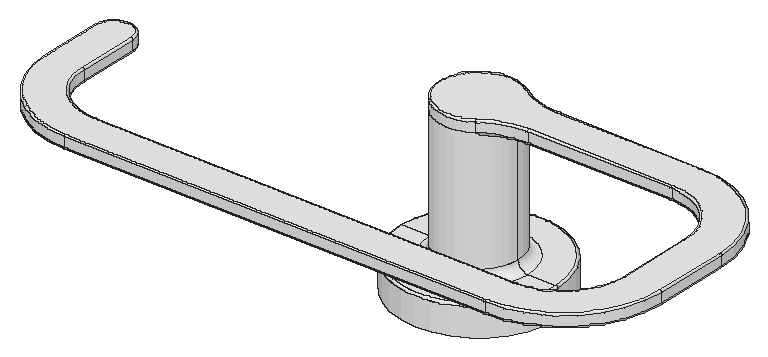
Revit family "Towel_Ring-American_Standard-Studio_S-7105.190", category Specialty Equipment, host Face, Revit 2014
Parameters (values of type "7105.190")
  Width = 2 3/16"  # constant formula
  Warranty Information = "One Year General Product Warranty"  # constant formula
  URL = "https://www.americanstandard-us.com/"
  Type Comments = ""
  Specification = "Towel Ring shall feature metal construction. Shall feature concealed mounting with no exposed set screws. Towel Ring shall be American Standard Model 7105.190."  # constant formula
  Product Page URL = "https://www.americanstandard-us.com/bathroom/bathroom-accessories/studio-s-towel-ring-32008?variant=polished-chrome"
  Product Documentation Link = "https://www.americanstandard-us.com/-/media/sites/asus/files/product-specs/bathroom-accessories/2017/specsheet-7105190.pdf?la=en"
  Price = "Prices may vary. Please consult Manufacturer Representative for most up-to-date price list."  # constant formula
  Model = "7105.190 "  # constant formula
  Material = "Metal-American Standard-002-Polished Chrome"
  Manufacturer = "American Standard"  # constant formula
  Length = 7 3/4"  # constant formula
  Installation Type = "Wall Mount"  # constant formula
  Height = 3 3/16"  # constant formula
  Finish = Metal-American Standard-002-Polished Chrome
  Description = "Studio S Towel Ring"  # constant formula
  Default Elevation = 48"  # constant formula
  Creation Date = "05/07/2018"  # constant formula
  Assembly Code = "C1030220"
Reference planes (in)
  plane 1 "Center (Front/Back)": y = 0
  plane 2: z = 0
  plane 3 "Center (Left/Right)": x = 0
  plane 4: y = -3.1875
  plane 5: x = -1
  plane 6: x = 1
  plane 7: y = 1
  plane 8: y = -1
  plane 9: x = 3.875
  plane 10: x = -3.875
  plane 11: z = 2.1875
  plane 12: y = 0.15625
  plane 13: y = -0.15625
Forms (in)
  Revolve 1, solid, material "Metal-American Standard-002-Polished Chrome" <- "Finish"
    sketch origin (0, 0, 0) x (1, 0, 0) y (0, 0, 1)
      loop
        line (0, 0) -> (0, 2.0986179) -> (-0.5, 2.0986179) -> (-0.5, 0.4993179)
        arc (-0.5, 0.4993179) -> (-0.5366117, 0.4109296) -> (-0.625, 0.3743179) r 0.125
        line (-0.625, 0.3743179) -> (-0.9734903, 0.3743179)
        arc (-0.9734903, 0.3743179) -> (-0.9922355, 0.3665534) -> (-1, 0.3478082) r 0.0265097
        line (-1, 0.3478082) -> (-1, 0) -> (0, 0)
      axis (0, 0) -> (0, 2.0986179)
    angle from 0 to 360
  Sweep 2, solid, material "Metal-American Standard-002-Polished Chrome" <- "Finish"
    path origin (0, 0, 2.1875) x (1, 0, 0) y (0, 1, 0)
      loop
        arc (0.2403932, 0.3398486) -> (-0.4162763, 0) -> (0.2403932, -0.3398486) r 0.4162763
        arc (0.2403932, -0.3398486) -> (0.5148941, -0.2032543) -> (0.8178781, -0.15625) r 1
        line (0.8178781, -0.15625) -> (2.6352539, -0.15625)
        arc (2.6352539, -0.15625) -> (3.2318753, -0.4033787) -> (3.4790039, -1) r 0.84375
        line (3.4790039, -1) -> (3.4790039, -1.9492188)
        arc (3.4790039, -1.9492188) -> (3.2318753, -2.5458401) -> (2.6352539, -2.7929688) r 0.84375
        line (2.6352539, -2.7929688) -> (-2.7027735, -2.7929688)
        arc (-2.7027735, -2.7929688) -> (-3.2516513, -2.5656161) -> (-3.4790039, -2.0167383) r 0.7762304
        line (-3.4790039, -2.0167383) -> (-3.4790039, -1.2421875)
        arc (-3.4790039, -1.2421875) -> (-3.6352539, -1.0859375) -> (-3.7915039, -1.2421875) r 0.15625
        line (-3.7915039, -1.2421875) -> (-3.7915039, -2.0167383)
        arc (-3.7915039, -2.0167383) -> (-3.4726222, -2.786587) -> (-2.7027735, -3.1054688) r 1.0887304
        line (-2.7027735, -3.1054688) -> (2.6352539, -3.1054688)
        arc (2.6352539, -3.1054688) -> (3.4528461, -2.766811) -> (3.7915039, -1.9492188) r 1.15625
        line (3.7915039, -1.9492188) -> (3.7915039, -1)
        arc (3.7915039, -1) -> (3.4528461, -0.1824078) -> (2.6352539, 0.15625) r 1.15625
        line (2.6352539, 0.15625) -> (0.8178781, 0.15625)
        arc (0.8178781, 0.15625) -> (0.5148941, 0.2032543) -> (0.2403932, 0.3398486) r 1
    profile origin (-0.4162763, 0, 2.1875) x (1, 0, 0) y (0, 0, 1)
      loop
        line (0, 0) -> (-0.0616161, 0)
        arc (-0.0616161, 0) -> (-0.0772485, -0.0064752) -> (-0.0837237, -0.0221076) r 0.0221076
        line (-0.0837237, -0.0221076) -> (-0.0837237, -0.1411543)
        arc (-0.0837237, -0.1411543) -> (-0.0764584, -0.1586942) -> (-0.0589185, -0.1659595) r 0.0248052
        line (-0.0589185, -0.1659595) -> (0, -0.1659595) -> (0, 0)
  Extrusion 3, solid, material "Metal-American Standard-002-Polished Chrome" <- "Finish"
    sketch origin (0, 0, 0) x (1, 0, 0) y (0, 1, 0)
      loop
        arc (0.2524118, 0.3695512) -> (-0.4475263, 0) -> (0.2524118, -0.3695512) r 0.4475263
        arc (0.2524118, -0.3695512) -> (0.535378, -0.2330616) -> (0.8460235, -0.1861724) r 1.0524737
        line (0.8460235, -0.1861724) -> (2.6367188, -0.1875)
        arc (2.6367188, -0.1875) -> (3.211243, -0.4254757) -> (3.4492188, -1) r 0.8125
        line (3.4492188, -1) -> (3.4492188, -1.9492188)
        arc (3.4492188, -1.9492188) -> (3.211243, -2.523743) -> (2.6367188, -2.7617188) r 0.8125
        line (2.6367188, -2.7617188) -> (-2.7042383, -2.7617188)
        arc (-2.7042383, -2.7617188) -> (-3.231019, -2.543519) -> (-3.4492187, -2.0167383) r 0.7449804
        line (-3.4492187, -2.0167383) -> (-3.4492187, -1.2421875)
        arc (-3.4492187, -1.2421875) -> (-3.6367187, -1.0546875) -> (-3.8242187, -1.2421875) r 0.1875
        line (-3.8242187, -1.2421875) -> (-3.8242187, -2.0167383)
        arc (-3.8242187, -2.0167383) -> (-3.4961841, -2.8086841) -> (-2.7042383, -3.1367188) r 1.1199804
        line (-2.7042383, -3.1367188) -> (2.6367188, -3.1367188)
        arc (2.6367188, -3.1367188) -> (3.4764081, -2.7889081) -> (3.8242188, -1.9492188) r 1.1875
        line (3.8242188, -1.9492188) -> (3.8242188, -1)
        arc (3.8242188, -1) -> (3.4764081, -0.1603107) -> (2.6367188, 0.1875) r 1.1875
        line (2.6367188, 0.1875) -> (0.8988692, 0.1875)
        arc (0.8988692, 0.1875) -> (0.5607296, 0.2255774) -> (0.2524118, 0.3695512) r 1.0524737
    from 2.0215405 to 2.1875
Cuts and joins
  joined: Revolve 1, Sweep 2, Extrusion 3
Lines and regions (in)
  Masking region 1
    outline origin (0, 0, 0) x (1, 0, 0) y (0, 0, 1)
      loop
        arc (3.875, 2.1673159) -> (3.8690882, 2.1815882) -> (3.8548159, 2.1875) r 0.0201841
        line (3.8548159, 2.1875) -> (-3.8542979, 2.1875)
        arc (-3.8542979, 2.1875) -> (-3.8689365, 2.1814365) -> (-3.875, 2.1667979) r 0.0207021
        line (-3.875, 2.1667979) -> (-3.875, 2.0410791)
        arc (-3.875, 2.0410791) -> (-3.8691264, 2.026899) -> (-3.8549464, 2.0210255) r 0.0200536
        line (-3.8549464, 2.0210255) -> (-0.5, 2.0210255) -> (-0.5, 0.4992296)
        arc (-0.5, 0.4992296) -> (-0.5366117, 0.4108413) -> (-0.625, 0.3742296) r 0.125
        line (-0.625, 0.3742296) -> (-0.9744353, 0.3742296)
        arc (-0.9744353, 0.3742296) -> (-0.9925123, 0.3667419) -> (-1, 0.3486649) r 0.0255647
        line (-1, 0.3486649) -> (-1, 0) -> (1, 0) -> (1, 0.3491933)
        arc (1, 0.3491933) -> (0.992667, 0.3668967) -> (0.9749637, 0.3742296) r 0.0250363
        line (0.9749637, 0.3742296) -> (0.6246699, 0.3742296)
        arc (0.6246699, 0.3742296) -> (0.536515, 0.4107446) -> (0.5, 0.4988995) r 0.1246699
        line (0.5, 0.4988995) -> (0.5, 2.0210255) -> (3.8529543, 2.0210255)
        arc (3.8529543, 2.0210255) -> (3.868543, 2.0274825) -> (3.875, 2.0430712) r 0.0220457
        line (3.875, 2.0430712) -> (3.875, 2.1673159)
  symbolic lines, detail levels medium+fine
    curve 1: line (0.6246699, 0, 0.3742296) -> (-0.625, 0, 0.3742296)
    curve 6: line (-0.5, 0, 2.0210255) -> (-0.5, 0, 2.1644213)
    curve 7: arc (-0.4769213, 0, 2.1875) -> (-0.4932404, 0, 2.1807404) -> (-0.5, 0, 2.1644213) r 0.0230787
  symbolic lines, detail levels fine
    curve 2: line (-3.3951234, 0, 2.0430918) -> (-3.3951234, 0, 2.1654336)
    curve 3: arc (-3.3951234, 0, 2.1654336) -> (-3.401332, 0, 2.1807831) -> (-3.4164659, 0, 2.1875) r 0.0220786
    curve 4: arc (-3.3951234, 0, 2.0430918) -> (-3.401332, 0, 2.0277423) -> (-3.4164659, 0, 2.0210255) r 0.0220786
    curve 5: line (0.5, 0, 2.0210255) -> (0.2889335, 0, 2.0210255)
Dimensions and locks (in)
  "Length": plane 10 to plane 9
  "Height": plane 4 to plane 1 "Center (Front/Back)"
  plane 5 to plane 6 = 2"
  "Width": plane 2 to plane 11
  aligned and locked: plane 2 to host face
  aligned and locked: level to host face
Automatic sketch dimensions
  host sketch curve to host sketch curve = 96"  (x2)
  Sweep 2 sketch curve to Sweep 2 sketch curve = 0"  (x7)
  plane 1 "Center (Front/Back)" to Sweep 2 sketch curve = 0"
  Sweep 2 sketch curve to plane 3 "Center (Left/Right)" = 0"
  Sweep 2 sketch curve to plane 13 = 0"
  Sweep 2 sketch curve to plane 12 = 0"
  plane 8 to Sweep 2 sketch curve = 0"
  Sweep 2 sketch curve to plane 4 = 101/256"
  plane 10 to Sweep 2 sketch curve = 1.17223"
  plane 10 to Sweep 2 sketch curve = 0.396"
  Sweep 2 sketch curve to plane 6 = 0.18212"  (x2)
  Sweep 2 sketch curve to plane 9 = 1.23975"
  Sweep 2 sketch curve to Sweep 2 sketch curve = 27/32"
  plane 8 to Sweep 2 sketch curve = 31/128"
  plane 8 to Sweep 2 sketch curve = 5/32"
  Sweep 2 sketch curve to plane 7 = 5/32"
  Sweep 2 sketch curve to profile plane = 0"
  profile plane to Sweep 2 sketch curve = 0"
  profile plane to Sweep 2 sketch curve = 0.05892"
  Sweep 2 sketch curve to profile plane = 0.02211"
  profile plane to Sweep 2 sketch curve = 0.06162"
  Sweep 2 sketch curve to Sweep 2 sketch curve = 0.11905"
  Extrusion 3 sketch curve to Extrusion 3 sketch curve = 0"  (x8)
  plane 1 "Center (Front/Back)" to Extrusion 3 sketch curve = 0"
  Extrusion 3 sketch curve to plane 3 "Center (Left/Right)" = 0"
  plane 8 to Extrusion 3 sketch curve = 0"
  Extrusion 3 sketch curve to plane 4 = 109/256"
  plane 10 to Extrusion 3 sketch curve = 1.17076"
  plane 10 to Extrusion 3 sketch curve = 109/256"
  Extrusion 3 sketch curve to Extrusion 3 sketch curve = 3/16"
  Extrusion 3 sketch curve to plane 6 = 0.15398"  (x2)
  Extrusion 3 sketch curve to plane 6 = 0.10113"
  plane 1 "Center (Front/Back)" to Extrusion 3 sketch curve = 0.18617"
  Extrusion 3 sketch curve to plane 9 = 1 61/256"  (x2)
  Extrusion 3 sketch curve to plane 1 "Center (Front/Back)" = 3/16"
  plane 8 to Extrusion 3 sketch curve = 31/128"
  plane 8 to Extrusion 3 sketch curve = 0.23865"
  Extrusion 3 sketch curve to plane 7 = 0.23865"
  Revolve 1 sketch curve to plane 5 = 0"
  Revolve 1 sketch curve to level = 0"
  Revolve 1 sketch curve to plane 3 "Center (Left/Right)" = 0"  (x2)
  plane 5 to Revolve 1 sketch curve = 0.02651"
  Revolve 1 sketch curve to Revolve 1 sketch curve = 0.34849"
  Revolve 1 sketch curve to Revolve 1 sketch curve = 1/8"
  level to Revolve 1 sketch curve = 0.34781"
  plane 11 to Revolve 1 sketch curve = 0.08888"
  Revolve 1 sketch curve to plane 11 = 0.18793"
  Revolve 1 sketch curve to Revolve 1 sketch curve = 0.22229"
  Masking region 1 sketch curve to plane 10 = 0"
  Masking region 1 sketch curve to plane 11 = 0"
  Masking region 1 sketch curve to level = 0"
  Masking region 1 sketch curve to plane 5 = 0"
  Masking region 1 sketch curve to plane 6 = 0"
  Masking region 1 sketch curve to plane 9 = 0"
  plane 10 to Masking region 1 sketch curve = 0.02005"
  Masking region 1 sketch curve to Masking region 1 sketch curve = 0.0207"
  plane 5 to Masking region 1 sketch curve = 0.02556"
  Masking region 1 sketch curve to Masking region 1 sketch curve = 0.34944"
  plane 11 to Masking region 1 sketch curve = 0.16647"
  Masking region 1 sketch curve to plane 3 "Center (Left/Right)" = 1/2"
  plane 3 "Center (Left/Right)" to Masking region 1 sketch curve = 1/2"
  Masking region 1 sketch curve to Masking region 1 sketch curve = 0.12467"
  Masking region 1 sketch curve to Masking region 1 sketch curve = 0.02504"
  Masking region 1 sketch curve to Masking region 1 sketch curve = 0.02205"
  Masking region 1 sketch curve to Masking region 1 sketch curve = 0.02018"
  level to Masking region 1 sketch curve = 0.34866"
  level to Masking region 1 sketch curve = 0.34919"
  Masking region 1 sketch curve to Masking region 1 sketch curve = 0.14629"
  curve 3 to plane 11 = 0"
  curve 7 to plane 11 = 0"
  plane 11 to curve 4 = 0.14441"
  plane 10 to curve 4 = 0.4578"
  plane 11 to curve 3 = 0.02207"
  curve 3 to curve 4 = 0"
  curve 3 to curve 2 = 0.02208"
  plane 11 to curve 7 = 0.02308"
  curve 7 to plane 3 "Center (Left/Right)" = 0.47692"
  curve 4 to curve 4 = 0.00074"
  plane 5 to curve 1 = 3/8"
  plane 3 "Center (Left/Right)" to curve 5 = 0.28893"
  curve 5 to curve 5 = 0.21107"
  curve 1 to plane 6 = 0.37533"
  plane 11 to curve 5 = 0.16647"
  curve 6 to curve 7 = 0.1434"
  level to curve 1 = 0.37423"
